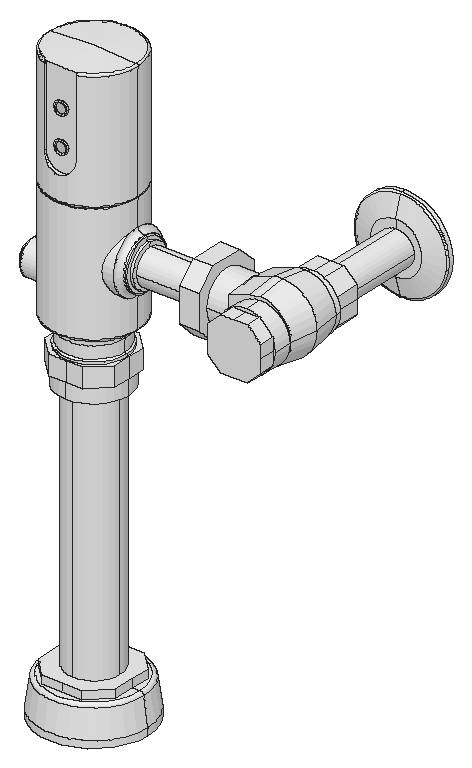
Revit family
Parameters (values of type "Chrome-CP-Polished_Chrome")
  Width Calc = if(Width > 0' 4 3/8", if(Width < 0' 5 3/8", Width, 0' 5 3/8"), 0' 4 3/8")  # 0' - 5 3/8"
  Width = 0' - 5 3/8"
  URL = "http://www.us.kohler.com"
  Sensor Material = none
  Product Page URL = "http://www.us.kohler.com/onlinecatalog/detail.jsp?prod_num=10956"
  Product Documentation Link = "http://www.us.kohler.com/onlinecatalog/pdf/1058866_4.pdf"
  Overall Width [instance] = 0' - 8.59195"
  Overall Length [instance] = 0' - 6.718"
  Overall Height [instance] = 1' - 5.06429"
  Model = "K-10956"  # constant formula
  Manufacturer = "Kohler"  # constant formula
  Length Calc = if(Length > 0' 2 7/8", if(Length < 0' 5", Length, 0' 5"), 0' 2 7/8")  # 0' - 5"
  Length = 0' - 5"
  Height Calc = if(Height > 0' 8 3/4", if(Height < 1' 0", Height, 1' 0"), 0' 8 3/4")  # 1' - 0"
  Height = 1' - 0"
  Flushometer Supply = "Cold Water Connection"  # constant formula
  Flush Rate = 0.128 GPM
  Finish = Chrome-Kohler-CP-Polished Chrome
  Description = "1.28 gpf/4.85 lpf Touchless DC toilet flushometer with Tripoint™ technology\r\n"  # constant formula
  Created By = "http://www.medialab3dstudio.com"
  Cold Water Radius = 1/2"
  Cold Water Diameter = Cold Water Radius * 2  # 1"
  CWFU = 0
  CW Connection = yes
  Assembly Code = "D2010900"
Reference planes (in)
  plane 1 "Center (Front/Back)": y = -2.125
  plane 2 "Bottom": z = 0
  plane 3 "Center (Left/Right)": x = -1
  plane 4 "Center (Top/Bottom)": z = 12
  plane 5 "Right Connector": x = 4.375
  plane 6 "Back": y = 2.875
  plane 7: z = 8.46926
  plane 8: z = 1.28808
  plane 9 "Top": z = 17.06429
  plane 10: x = 0.60251
  plane 11: y = 1.91899
  plane 12: y = -0.40273
  plane 13 "Right": x = 5.7147
  plane 14 "Left": x = -2.87725
  plane 15 "Front": y = -3.843
Forms (in)
  Extrusion 1, solid, material "Chrome-Kohler-CP-Polished Chrome" <- "Finish", detail levels fine
    sketch origin (0, -2.125, 0) x (1, 0, 0) y (0, 1, 0)
      loop
        arc (-1, 0.75) -> (-1.53033, 0.53033) -> (-1.75, 0) r 0.75
        arc (-1.75, 0) -> (-1.53033, -0.53033) -> (-1, -0.75) r 0.75
        arc (-1, -0.75) -> (-0.46967, -0.53033) -> (-0.25, 0) r 0.75
        arc (-0.25, 0) -> (-0.46967, 0.53033) -> (-1, 0.75) r 0.75
    from 1.28808 to 8.46926
  Extrusion 2, solid, material "Chrome-Kohler-CP-Polished Chrome" <- "Finish", detail levels fine
    sketch origin (0, -0.40885, -7.58275) x (0, 1, 0) y (0, 0, 1)
      loop
        arc (-1.71615, 20.08275) -> (-2.0697, 19.93631) -> (-2.21615, 19.58275) r 0.5
        arc (-2.21615, 19.58275) -> (-2.0697, 19.2292) -> (-1.71615, 19.08275) r 0.5
        arc (-1.71615, 19.08275) -> (-1.36259, 19.2292) -> (-1.21615, 19.58275) r 0.5
        arc (-1.21615, 19.58275) -> (-1.36259, 19.93631) -> (-1.71615, 20.08275) r 0.5
    from 0.60251 to 2.22977
  Extrusion 3, solid, material "Chrome-Kohler-CP-Polished Chrome" <- "Finish", detail levels fine
    sketch origin (0, 0, -5.06429) x (1, 0, 0) y (0, 0, 1)
      loop
        arc (4.375, 17.56429) -> (4.02145, 17.41784) -> (3.875, 17.06429) r 0.5
        arc (3.875, 17.06429) -> (4.02145, 16.71074) -> (4.375, 16.56429) r 0.5
        arc (4.375, 16.56429) -> (4.72855, 16.71074) -> (4.875, 17.06429) r 0.5
        arc (4.875, 17.06429) -> (4.72855, 17.41784) -> (4.375, 17.56429) r 0.5
    from -1.91899 to 0.40273
  Extrusion 4, solid, material "Chrome-Kohler-CP-Polished Chrome" <- "Finish", detail levels coarse+medium
    sketch origin (0, 0, 0) x (1, 0, 0) y (0, 1, 0)
      loop
        line (-2.87725, 2.875) -> (-2.87725, -3.843) -> (5.7147, -3.843) -> (5.7147, 2.875) -> (-2.87725, 2.875)
    from 0 to 17.06429
Lines and regions (in)
  Masking region 1, detail levels medium+fine
    outline origin (-1, -0.75, 0) x (0, 1, 0) y (0, 0, 1)
      loop
        line (-0.625, 8.46926) -> (-2.125, 8.46926) -> (-2.125, 1.28808) -> (-0.625, 1.28808) -> (-0.625, 8.46926)
  Masking region 2, detail levels medium+fine
    outline origin (0, -2.125, 0) x (1, 0, 0) y (0, 0, 1)
      loop
        line (-1.75, 8.46926) -> (-1.75, 1.28808) -> (-0.25, 1.28808) -> (-0.25, 8.46926) -> (-1.75, 8.46926)
  Masking region 3, detail levels medium+fine
    outline origin (0, 0, 12) x (0, -1, 0) y (1, 0, 0)
      loop
        line (1.625, 0.60251) -> (2.625, 0.60251) -> (2.625, 2.22977) -> (1.625, 2.22977) -> (1.625, 0.60251)
  Masking region 4, detail levels medium+fine
    outline origin (0, -2.125, 0) x (1, 0, 0) y (0, 0, 1)
      loop
        line (0.60251, 12.5) -> (0.60251, 11.5) -> (2.22977, 11.5) -> (2.22977, 12.5) -> (0.60251, 12.5)
  Masking region 5, detail levels medium+fine
    outline origin (-1, 0, 0) x (0, 1, 0) y (0, 0, 1)
      loop
        line (-0.40273, 12.5) -> (-0.40273, 11.5) -> (1.91899, 11.5) -> (1.91899, 12.5) -> (-0.40273, 12.5)
  Masking region 6, detail levels medium+fine
    outline origin (0, 0, 12) x (0, -1, 0) y (1, 0, 0)
      loop
        line (-1.91899, 3.875) -> (0.40273, 3.875) -> (0.40273, 4.875) -> (-1.91899, 4.875) -> (-1.91899, 3.875)
  Masking region 7, detail levels coarse
    outline origin (0, 0, 12) x (0, -1, 0) y (1, 0, 0)
      loop
        line (-2.875, -2.87725) -> (3.843, -2.87725) -> (3.843, 5.7147) -> (-2.875, 5.7147) -> (-2.875, -2.87725)
  Masking region 8, detail levels coarse
    outline origin (0, -2.125, 0) x (1, 0, 0) y (0, 0, 1)
      loop
        line (-2.87725, 17.06429) -> (-2.87725, 0) -> (5.7147, 0) -> (5.7147, 17.06429) -> (-2.87725, 17.06429)
  Masking region 9, detail levels coarse
    outline origin (-1, 0, 0) x (0, 1, 0) y (0, 0, 1)
      loop
        line (-3.843, 17.06429) -> (-3.843, 0) -> (2.875, 0) -> (2.875, 17.06429) -> (-3.843, 17.06429)
Dimensions and locks (in)
  locked: plane 8 to plane 2 "Bottom" at 1.28808
  locked: plane 4 "Center (Top/Bottom)" to plane 7 at 3.53074
  locked: plane 9 "Top" to plane 4 "Center (Top/Bottom)" at 5.06429
  locked: plane 10 to plane 3 "Center (Left/Right)" at 1.60251
  plane 11 to plane 6 "Back" = 0' - 0.95601"
  locked: plane 1 "Center (Front/Back)" to plane 12 at 1.72227
  "Height Calc": plane 4 "Center (Top/Bottom)" to plane 2 "Bottom"
  "Width Calc": plane 5 "Right Connector" to plane 3 "Center (Left/Right)"
  "Length Calc": plane 6 "Back" to plane 1 "Center (Front/Back)"
  "Overall Height": plane 9 "Top" to plane 2 "Bottom"
  locked: plane 3 "Center (Left/Right)" to plane 14 "Left" at 1.87725
  "Overall Width": plane 14 "Left" to plane 13 "Right"
  locked: plane 15 "Front" to plane 1 "Center (Front/Back)" at 1.718
  "Overall Length": plane 15 "Front" to plane 6 "Back"
  aligned and locked: plane 2 "Bottom" to level
  aligned and locked: plane 3 "Center (Left/Right)" to nested 1
  aligned and locked: plane 1 "Center (Front/Back)" to nested 1
  aligned and locked: plane 2 "Bottom" to nested 1
  aligned and locked: nested 2 to plane 4 "Center (Top/Bottom)"
  aligned and locked: plane 3 "Center (Left/Right)" to nested 2
  aligned and locked: nested 3 to plane 4 "Center (Top/Bottom)"
  aligned and locked: plane 5 "Right Connector" to nested 3
  aligned and locked: plane 1 "Center (Front/Back)" to nested 3
  aligned: plane 5 "Right Connector" to nested 4
  aligned and locked: nested 4 to plane 6 "Back"
  aligned: plane 3 "Center (Left/Right)" to Extrusion 1 sketch curve  (x2)
  aligned: plane 1 "Center (Front/Back)" to Extrusion 1 sketch curve  (x2)
  aligned and locked: Extrusion 1 to plane 7
  aligned and locked: plane 8 to Extrusion 1
  aligned and locked: plane 3 "Center (Left/Right)" to Extrusion 1
  aligned and locked: plane 1 "Center (Front/Back)" to Extrusion 1
  aligned and locked: Masking region 2 sketch curve to Extrusion 1  (x2)
  aligned and locked: Extrusion 1 to Masking region 2 sketch curve
  aligned and locked: Masking region 2 sketch curve to nested 2
  aligned and locked: Masking region 1 sketch curve to Extrusion 1  (x2)
  aligned and locked: Masking region 1 sketch curve to plane 8
  aligned and locked: plane 7 to Masking region 1 sketch curve
  aligned and locked: plane 1 "Center (Front/Back)" to Extrusion 2
  aligned and locked: Extrusion 2 to nested 3
  aligned and locked: Extrusion 2 to plane 10
  aligned and locked: plane 4 "Center (Top/Bottom)" to Extrusion 2
  aligned and locked: plane 10 to Masking region 3 sketch curve
  aligned and locked: Masking region 3 sketch curve to Extrusion 2  (x2)
  aligned and locked: nested 3 to Masking region 3 sketch curve
  aligned and locked: plane 10 to Masking region 4 sketch curve
  aligned and locked: nested 3 to Masking region 4 sketch curve
  aligned and locked: Masking region 4 sketch curve to Extrusion 2  (x2)
  aligned and locked: plane 5 "Right Connector" to Extrusion 3
  aligned and locked: plane 11 to Extrusion 3
  aligned and locked: plane 12 to Extrusion 3
  aligned and locked: Masking region 5 sketch curve to Extrusion 3  (x2)
  aligned and locked: Masking region 5 sketch curve to plane 12
  aligned and locked: Masking region 5 sketch curve to plane 11
  aligned and locked: Masking region 6 sketch curve to plane 11
  aligned and locked: Masking region 6 sketch curve to plane 12
  aligned and locked: Masking region 6 sketch curve to Extrusion 3  (x2)
  aligned and locked: Masking region 7 sketch curve to plane 6 "Back"
  aligned and locked: Masking region 7 sketch curve to nested 2
  aligned: Masking region 7 sketch curve to nested 3
  aligned and locked: plane 1 "Center (Front/Back)" to nested 2
  aligned and locked: plane 5 "Right Connector" to nested 4
  aligned and locked: nested 4 to plane 4 "Center (Top/Bottom)"
  aligned and locked: plane 9 "Top" to Masking region 8 sketch curve
  aligned and locked: Masking region 8 sketch curve to plane 14 "Left"
  aligned and locked: Masking region 8 sketch curve to plane 13 "Right"
  aligned and locked: plane 2 "Bottom" to Masking region 8 sketch curve
  aligned and locked: plane 9 "Top" to Masking region 9 sketch curve
  aligned and locked: Masking region 9 sketch curve to plane 15 "Front"
  aligned and locked: plane 2 "Bottom" to Masking region 9 sketch curve
  aligned and locked: Masking region 9 sketch curve to plane 6 "Back"
  aligned and locked: Extrusion 4 sketch curve to plane 14 "Left"
  aligned and locked: Extrusion 4 sketch curve to plane 6 "Back"
  aligned and locked: Extrusion 4 sketch curve to plane 13 "Right"
  aligned and locked: Extrusion 4 sketch curve to plane 15 "Front"
  aligned and locked: Extrusion 4 to plane 9 "Top"
  aligned and locked: plane 4 "Center (Top/Bottom)" to Extrusion 3
Automatic sketch dimensions
  Extrusion 1 sketch curve to Extrusion 1 sketch curve = 0' - 0"  (x12)
  plane 1 "Center (Front/Back)" to Extrusion 1 sketch curve = 0' - 0"
  Extrusion 1 sketch curve to plane 3 "Center (Left/Right)" = 0' - 0"
  Extrusion 1 sketch curve to Extrusion 1 sketch curve = 0' - 0 3/4"
  Extrusion 2 sketch curve to Extrusion 2 sketch curve = 0' - 0"  (x12)
  plane 4 "Center (Top/Bottom)" to Extrusion 2 sketch curve = 0' - 0"
  Extrusion 2 sketch curve to plane 1 "Center (Front/Back)" = 0' - 0"
  Extrusion 2 sketch curve to Extrusion 2 sketch curve = 0' - 0 1/2"
  Extrusion 3 sketch curve to Extrusion 3 sketch curve = 0' - 0"  (x12)
  Extrusion 3 sketch curve to plane 4 "Center (Top/Bottom)" = 0' - 0"
  Extrusion 3 sketch curve to plane 5 "Right Connector" = 0' - 0"
  Extrusion 3 sketch curve to Extrusion 3 sketch curve = 0' - 0 1/2"
  plane 5 "Right Connector" to Masking region 7 sketch curve = 0' - 1.3397"
  plane 1 "Center (Front/Back)" to Masking region 7 sketch curve = 0' - 1.718"
Nested families (in)
  nested 1: "Base" at (-1, -2.125, 0), type "Base"
  nested 2: "Main Body" at (-1, -2.125, -0.09743), type "Main Body"
  nested 3: "Wall Extension" at (-1.28727, -2.125, -0.09989), type "Wall Extension", detail levels medium+fine
  nested 4: "Wall Connector" at (-0.70733, -2.07873, -0.0596), type "Wall Connector"
Connectors (in)
  piping at (4.375, 2.875, 12), driven by "Cold Water Radius", driven by "CW Connection", driven by "Flushometer Supply", driven by "Flush Rate", driven by "CWFU"
    settings: on nested 4, index 1, connector radius 1/2", flow factor 0, pipe flow 0.128 GPM, pressure drop 0.00 psi, fitting loss kfactor 0, connector angle 0.00°, fixture units 0, flow configuration 3, flow direction 1, fitting loss method 0, system type 20, connector reference index -1, connector utility 1, adjustable connector yes, is connector primary yes, fitting loss table "", connector description "Cold Water Connection"
Definition of nested family "Base"
  Parameters (values of type "Base")
    Finish = Chrome-Kohler-CP-Polished Chrome
    Assembly Code = "D2010900"
  Reference planes (in)
    plane 1 "Center (Front/Back)": y = 0
    plane 2 "Bottom": z = 0
    plane 3 "Center (Left/Right)": x = 0
    plane 4 "Left": x = -1.54194
    plane 5 "Front": through (179.98443, -0.726, 1.05873) normal (0.0045, -1, 0)
    plane 6 "Back": through (179.97438, 2.35776, 1.05873) normal (0.0045, -1, 0)
    plane 7 "Right": x = 1.54194
    plane 8 "Top": z = 1.28808
    plane 9 "Center (Top/Bottom)": z = 0.64404
  Forms (in)
    Revolve 1, solid, material "Chrome-Kohler-CP-Polished Chrome" <- "Finish", detail levels fine
      sketch origin (0, 0, 0) x (1, 0, 0) y (0, 0, 1)
        loop
          line (0, 1.0575) -> (0, 0) -> (1.54194, 0) -> (1.54194, 0.20035) -> (1.42081, 0.96424)
          arc (1.42081, 0.96424) -> (1.38461, 1.03092) -> (1.31353, 1.0575) r 0.10834
          line (1.31353, 1.0575) -> (0, 1.0575)
        axis (0, 0) -> (0, 1.0575)
      angle from 0 to 360
    Extrusion 2, solid, material "Chrome-Kohler-CP-Polished Chrome" <- "Finish", detail levels fine
      sketch origin (0, 0, 0) x (1, 0, 0) y (0, 1, 0)
        loop
          line (1.08986, -0.57622) -> (1.08986, -0.00981) -> (1.08986, 0.55659) -> (0.5543, 1.09216) -> (-0.01211, 1.09216) -> (-0.57851, 1.09216) -> (-1.11408, 0.55659) -> (-1.11408, -0.00981) -> (-1.11408, -0.57622) -> (-0.57851, -1.11178) -> (-0.01211, -1.11178) -> (0.5543, -1.11178) -> (1.08986, -0.57622)
      from 1.0575 to 1.28808
  Cuts and joins
    joined: Revolve 1, Extrusion 2
  Lines and regions (in)
    Masking region 1, detail levels medium+fine
      outline origin (0, 0, 0) x (1, 0, 0) y (0, 0, 1)
        loop
          line (1.08986, 1.28808) -> (-1.11408, 1.28808) -> (-1.11408, 1.0575) -> (-1.31353, 1.0575)
          arc (-1.31353, 1.0575) -> (-1.38414, 1.03039) -> (-1.42081, 0.96424) r 0.1106
          line (-1.42081, 0.96424) -> (-1.54194, 0.20035) -> (-1.54194, 0) -> (1.54194, 0) -> (1.54194, 0.20035) -> (1.42081, 0.96424)
          arc (1.42081, 0.96424) -> (1.38414, 1.03039) -> (1.31353, 1.0575) r 0.1106
          line (1.31353, 1.0575) -> (1.08986, 1.0575) -> (1.08986, 1.28808)
    Masking region 2, detail levels medium+fine
      outline origin (0, 0, 0) x (0, 1, 0) y (0, 0, 1)
        loop
          line (1.09216, 1.0575) -> (1.09216, 1.28808) -> (-1.11178, 1.28808) -> (-1.11178, 1.0575) -> (-1.31353, 1.0575)
          arc (-1.31353, 1.0575) -> (-1.38461, 1.03092) -> (-1.42081, 0.96424) r 0.10834
          line (-1.42081, 0.96424) -> (-1.54194, 0.20035) -> (-1.54194, 0) -> (1.54305, 0) -> (1.54194, 0.20035) -> (1.42081, 0.96424)
          arc (1.42081, 0.96424) -> (1.38461, 1.03092) -> (1.31353, 1.0575) r 0.10834
          line (1.31353, 1.0575) -> (1.09216, 1.0575)
    Masking region 3, detail levels medium+fine
      outline origin (0, 0, 0.64404) x (-1, 0, 0) y (0, -1, 0)
        loop
          circle (0, 0) r 1.54194
    symbolic lines, style "Masking Lines", detail levels fine
      curve 1: line (-0.57851, 0, 1.28808) -> (-0.57851, 0, 1.0575)
      curve 2: line (0.5543, 0, 1.0575) -> (0.5543, 0, 1.28808)
      curve 3: line (-1.42081, 0, 0.96424) -> (1.42081, 0, 0.96424)
      curve 4: line (-1.54194, 0, 0.20035) -> (1.54194, 0, 0.20035)
      curve 5: line (-1.11408, 0, 1.0575) -> (1.08986, 0, 1.0575)
      curve 6: line (0, 0.55659, 1.28808) -> (0, 0.55659, 1.0575)
      curve 7: line (0, -0.57622, 1.0575) -> (0, -0.57622, 1.28808)
      curve 8: line (0, -1.11178, 1.0575) -> (0, 1.09216, 1.0575)
      curve 9: line (0, 1.42081, 0.96424) -> (0, -1.42081, 0.96424)
      curve 10: line (0, -1.54194, 0.20035) -> (0, 1.54194, 0.20035)
      curve 11: arc (-1.42081, 0, 0.64404) -> (0, 1.42081, 0.64404) -> (1.42081, 0, 0.64404) r 1.42081
      curve 12: arc (1.42081, 0, 0.64404) -> (0, -1.42081, 0.64404) -> (-1.42081, 0, 0.64404) r 1.42081
      curve 13: line (-0.01211, 1.09216, 0.64404) -> (-0.57851, 1.09216, 0.64404)
      curve 14: line (-0.57851, 1.09216, 0.64404) -> (-1.11408, 0.55659, 0.64404)
      curve 15: line (-1.11408, 0.55659, 0.64404) -> (-1.11408, -0.00981, 0.64404)
      curve 16: line (-1.11408, -0.00981, 0.64404) -> (-1.11408, -0.57622, 0.64404)
      curve 17: line (-1.11408, -0.57622, 0.64404) -> (-0.57851, -1.11178, 0.64404)
      curve 18: line (-0.57851, -1.11178, 0.64404) -> (-0.01211, -1.11178, 0.64404)
      curve 19: line (-0.01211, -1.11178, 0.64404) -> (0.5543, -1.11178, 0.64404)
      curve 20: line (0.5543, -1.11178, 0.64404) -> (1.08986, -0.57622, 0.64404)
      curve 21: line (1.08986, -0.57622, 0.64404) -> (1.08986, -0.00981, 0.64404)
      curve 22: line (1.08986, -0.00981, 0.64404) -> (1.08986, 0.55659, 0.64404)
      curve 23: line (1.08986, 0.55659, 0.64404) -> (0.5543, 1.09216, 0.64404)
      curve 24: line (0.5543, 1.09216, 0.64404) -> (-0.01211, 1.09216, 0.64404)
  Dimensions and locks (in)
    aligned and locked: level to plane 2 "Bottom"
Definition of nested family "Main Body"
  Parameters (values of type "Main Body")
    Sensor Material = none
    Finish = Chrome-Kohler-CP-Polished Chrome
    Assembly Code = "D2010900"
  Reference planes (in)
    plane 1 "Center (Front/Back)": y = 0
    plane 2 "Bottom": z = 0
    plane 3 "Center (Left/Right)": x = 0
    plane 4 "Left": x = -1.87725
    plane 5 "Right": x = 1.54194
    plane 6 "Top": z = 17.16172
    plane 7 "Center (Top/Bottom)": z = 12.09743
    plane 8: x = -0.94566
    plane 9: x = 0.8896
    plane 10: x = -0.8897
    plane 11 "Front": y = -1.27001
    plane 12 "Back": y = 1.26245
    plane 13: z = 8.56669
  Forms (in)
    Extrusion 1, solid, material "Chrome-Kohler-CP-Polished Chrome" <- "Finish", detail levels fine
      sketch origin (0, 0, 0) x (1, 0, 0) y (0, 1, 0)
        loop
          arc (0.98741, -0.00087) -> (0.69826, 0.69851) -> (-0.00087, 0.98828) r 0.98828
          arc (-0.00087, 0.98828) -> (-0.69969, 0.69882) -> (-0.98915, 0) r 0.98828
          arc (-0.98915, 0) -> (-0.69913, -0.69887) -> (0, -0.98828) r 0.98915
          arc (0, -0.98828) -> (0.6982, -0.69908) -> (0.98741, -0.00087) r 0.98741
      from 8.56669 to 8.99972
    Extrusion 2, solid, material "Chrome-Kohler-CP-Polished Chrome" <- "Finish", detail levels fine
      sketch origin (0, 0, 0) x (1, 0, 0) y (0, 1, 0)
        loop
          line (-0.00087, 0.98828) -> (-0.49327, 0.98828) -> (-0.98828, 0.49327) -> (-0.98828, -0.00087) -> (-0.98828, -0.49327) -> (-0.49327, -0.98828) -> (-0.00087, -0.98828) -> (0.49327, -0.98828) -> (0.98828, -0.49327) -> (0.98828, -0.00087) -> (0.98828, 0.49327) -> (0.49327, 0.98828) -> (-0.00087, 0.98828)
      from 8.99972 to 9.55424
    Revolve 3, solid, material "Chrome-Kohler-CP-Polished Chrome" <- "Finish", detail levels fine
      sketch origin (0, 0, 0) x (1, 0, 0) y (0, 0, 1)
        loop
          line (-0.8897, 9.65205) -> (-0.9458, 9.61025) -> (-0.9458, 9.55424) -> (0, 9.55424) -> (0, 17.16124)
          arc (0, 17.16124) -> (-0.60631, 17.1474) -> (-1.21132, 17.10533) r 13.01531
          arc (-1.21132, 17.10533) -> (-1.24775, 17.08717) -> (-1.26245, 17.04922) r 0.05635
          line (-1.26245, 17.04922) -> (-1.26245, 13.74187)
          arc (-1.26245, 13.74187) -> (-1.25505, 13.72503) -> (-1.23777, 13.71874) r 0.02341
          arc (-1.23777, 13.71874) -> (-1.25304, 13.71328) -> (-1.26245, 13.70007) r 0.02705
          line (-1.26245, 13.70007) -> (-1.26245, 10.35547)
          arc (-1.26245, 10.35547) -> (-1.25363, 10.33468) -> (-1.23439, 10.32287) r 0.03706
          line (-1.23439, 10.32287) -> (-1.20179, 10.32287)
          arc (-1.20179, 10.32287) -> (-0.97809, 10.2267) -> (-0.8897, 9.99981) r 0.31514
          line (-0.8897, 9.99981) -> (-0.8897, 9.65205)
        axis (0, 9.55424) -> (0, 17.16124)
      angle from 0 to 360
    Revolve 4, solid, material "Chrome-Kohler-CP-Polished Chrome" <- "Finish", detail levels fine
      sketch origin (0, 0, 0) x (1, 0, 0) y (0, 0, 1)
        loop
          line (0, 10.69059) -> (0, 11.19167) -> (-1.87725, 11.19167) -> (-1.87725, 10.91919)
          arc (-1.87725, 10.91919) -> (-1.86345, 10.89254) -> (-1.83541, 10.88185) r 0.04211
          line (-1.83541, 10.88185) -> (-1.71443, 10.88185) -> (-1.71443, 10.72793)
          arc (-1.71443, 10.72793) -> (-1.70349, 10.70153) -> (-1.67709, 10.69059) r 0.03734
          line (-1.67709, 10.69059) -> (0, 10.69059)
        axis (-1.87725, 11.19167) -> (0, 11.19167)
      angle from 0 to 360
    Revolve 5, solid, material "Chrome-Kohler-CP-Polished Chrome" <- "Finish", detail levels fine
      sketch origin (0, 0, 0) x (1, 0, 0) y (0, 0, 1)
        loop
          line (1.26252, 12.96779) -> (0, 12.96779) -> (0, 12.09743) -> (1.60231, 12.09743) -> (1.60231, 12.69849) -> (1.50924, 12.69849) -> (1.50924, 12.79004)
          arc (1.50924, 12.79004) -> (1.5014, 12.80448) -> (1.48602, 12.81023) r 0.02345
          line (1.48602, 12.81023) -> (1.42082, 12.81023)
          arc (1.42082, 12.81023) -> (1.31025, 12.85745) -> (1.26252, 12.96779) r 0.16227
        axis (1.60231, 12.09743) -> (0, 12.09743)
      angle from 0 to 360
    Extrusion 6, void
      sketch origin (0, 0, 0) x (1, 0, 0) y (0, 0, 1)
        loop
          line (-0.45658, 17.04477) -> (-0.45658, 14.85953)
          arc (-0.45658, 14.85953) -> (0, 14.40296) -> (0.45658, 14.85953) r 0.45658
          line (0.45658, 14.85953) -> (0.45658, 17.04477)
          arc (0.45658, 17.04477) -> (0.46256, 17.07562) -> (0.4728, 17.10533) r 0.22374
          line (0.4728, 17.10533) -> (0.4728, 17.20883) -> (-0.4728, 17.20883) -> (-0.4728, 17.10533)
          arc (-0.4728, 17.10533) -> (-0.46256, 17.07562) -> (-0.45658, 17.04477) r 0.22374
      from 1.13677 to 1.47426
    Extrusion 7, solid, material "Chrome-Kohler-CP-Polished Chrome" <- "Finish", detail levels fine
      sketch origin (0, 0, 0) x (1, 0, 0) y (0, 0, 1)
        loop
          circle (-0.00081, 16.0683) r 0.18993
        loop
          circle (-0.00076, 16.0683) r 0.15008
      from 1.13677 to 1.17852
    Extrusion 8, solid, material <- "Sensor Material", detail levels fine
      sketch origin (0.00076, 0, 0) x (1, 0, 0) y (0, 0, 1)
        loop
          circle (-0.00076, 16.0683) r 0.15008
      from 1.13677 to 1.15841
    Extrusion 9, solid, material "Chrome-Kohler-CP-Polished Chrome" <- "Finish", detail levels fine
      sketch origin (0, 0, -0.99447) x (1, 0, 0) y (0, 0, 1)
        loop
          circle (-0.00081, 16.0683) r 0.18993
        loop
          circle (-0.00076, 16.0683) r 0.15008
      from 1.13677 to 1.17852
    Extrusion 10, solid, material <- "Sensor Material", detail levels fine
      sketch origin (0.00076, 0, -0.99447) x (1, 0, 0) y (0, 0, 1)
        loop
          circle (-0.00076, 16.0683) r 0.15008
      from 1.13677 to 1.15841
  Cuts and joins
    Extrusion 6 cuts Revolve 3
    joined: Extrusion 2, Revolve 3, Revolve 4, Revolve 5, Extrusion 7, Extrusion 9
  Lines and regions (in)
    Masking region 1, detail levels medium+fine
      outline origin (0, 0, 0) x (1, 0, 0) y (0, 0, 1)
        loop
          line (1.26245, 12.96779) -> (1.26245, 13.70007)
          arc (1.26245, 13.70007) -> (1.2528, 13.71296) -> (1.23777, 13.71874) r 0.0291
          arc (1.23777, 13.71874) -> (1.25498, 13.72511) -> (1.26245, 13.74187) r 0.02365
          line (1.26245, 13.74187) -> (1.26245, 17.04931)
          arc (1.26245, 17.04931) -> (1.24605, 17.0889) -> (1.20646, 17.1053) r 0.05599
          arc (1.20646, 17.1053) -> (0, 17.16172) -> (-1.20646, 17.1053) r 12.92681
          arc (-1.20646, 17.1053) -> (-1.24605, 17.0889) -> (-1.26245, 17.04931) r 0.05599
          line (-1.26245, 17.04931) -> (-1.26245, 13.74187)
          arc (-1.26245, 13.74187) -> (-1.25498, 13.72511) -> (-1.23777, 13.71874) r 0.02365
          arc (-1.23777, 13.71874) -> (-1.2528, 13.71296) -> (-1.26245, 13.70007) r 0.0291
          line (-1.26245, 13.70007) -> (-1.26245, 11.69274) -> (-1.67773, 11.69274)
          arc (-1.67773, 11.69274) -> (-1.70382, 11.68194) -> (-1.71462, 11.65585) r 0.03689
          line (-1.71462, 11.65585) -> (-1.71462, 11.50148) -> (-1.83569, 11.50148)
          arc (-1.83569, 11.50148) -> (-1.86363, 11.49078) -> (-1.87725, 11.46414) r 0.0418
          line (-1.87725, 11.46414) -> (-1.87725, 10.91919)
          arc (-1.87725, 10.91919) -> (-1.86363, 10.89255) -> (-1.83569, 10.88185) r 0.0418
          line (-1.83569, 10.88185) -> (-1.71462, 10.88185) -> (-1.71462, 10.72748)
          arc (-1.71462, 10.72748) -> (-1.70382, 10.7014) -> (-1.67773, 10.69059) r 0.03689
          line (-1.67773, 10.69059) -> (-1.26245, 10.69059) -> (-1.26245, 10.35547)
          arc (-1.26245, 10.35547) -> (-1.25447, 10.33396) -> (-1.23439, 10.32287) r 0.03297
          line (-1.23439, 10.32287) -> (-1.20179, 10.32287)
          arc (-1.20179, 10.32287) -> (-0.9772, 10.22756) -> (-0.8897, 9.99981) r 0.31228
          line (-0.8897, 9.99981) -> (-0.8897, 9.65205) -> (-0.9458, 9.61025) -> (-0.9458, 9.55424) -> (-0.98828, 9.55424) -> (-0.98828, 8.56669) -> (0.98828, 8.56669) -> (0.98828, 9.55424) -> (0.9458, 9.55424) -> (0.9458, 9.61025) -> (0.8897, 9.65205) -> (0.8897, 9.99981)
          arc (0.8897, 9.99981) -> (0.9772, 10.22756) -> (1.20179, 10.32287) r 0.31228
          line (1.20179, 10.32287) -> (1.23439, 10.32287)
          arc (1.23439, 10.32287) -> (1.25447, 10.33396) -> (1.26245, 10.35547) r 0.03297
          line (1.26245, 10.35547) -> (1.26245, 11.22706)
          arc (1.26245, 11.22706) -> (1.31024, 11.33739) -> (1.42082, 11.38463) r 0.16243
          line (1.42082, 11.38463) -> (1.48565, 11.38463)
          arc (1.48565, 11.38463) -> (1.50117, 11.39036) -> (1.50924, 11.40481) r 0.02388
          line (1.50924, 11.40481) -> (1.50924, 11.49637) -> (1.60231, 11.49637) -> (1.60231, 12.69849) -> (1.50924, 12.69849) -> (1.50924, 12.79004)
          arc (1.50924, 12.79004) -> (1.50117, 12.80449) -> (1.48565, 12.81023) r 0.02388
          line (1.48565, 12.81023) -> (1.42082, 12.81023)
          arc (1.42082, 12.81023) -> (1.31024, 12.85746) -> (1.26245, 12.96779) r 0.16243
    Masking region 2, detail levels medium+fine
      outline origin (0, 0, 0) x (0, 1, 0) y (0, 0, 1)
        loop
          line (-0.98828, 8.56669) -> (0.98828, 8.56669) -> (0.98828, 9.55424) -> (0.94599, 9.55424) -> (0.94599, 9.61053) -> (0.8897, 9.65205) -> (0.8897, 9.99981)
          arc (0.8897, 9.99981) -> (0.97911, 10.22305) -> (1.19791, 10.32287) r 0.32342
          line (1.19791, 10.32287) -> (1.23434, 10.32287)
          arc (1.23434, 10.32287) -> (1.25355, 10.33472) -> (1.26245, 10.35547) r 0.03741
          line (1.26245, 10.35547) -> (1.26245, 13.70007)
          arc (1.26245, 13.70007) -> (1.25283, 13.71307) -> (1.23768, 13.71873) r 0.02845
          arc (1.23768, 13.71873) -> (1.25463, 13.72541) -> (1.26245, 13.74187) r 0.02482
          line (1.26245, 13.74187) -> (1.26245, 17.04925)
          arc (1.26245, 17.04925) -> (1.24736, 17.08767) -> (1.21016, 17.10554) r 0.05644
          arc (1.21016, 17.10554) -> (0.03684, 17.16156) -> (-1.13677, 17.11204) r 13.07468
          arc (-1.13677, 17.11204) -> (-1.16322, 17.08465) -> (-1.17699, 17.04914) r 0.09631
          line (-1.17699, 17.04914) -> (-1.17699, 14.85953)
          arc (-1.17699, 14.85953) -> (-1.19857, 14.62724) -> (-1.26257, 14.40289) r 1.2611
          line (-1.26257, 14.40289) -> (-1.26257, 13.74207)
          arc (-1.26257, 13.74207) -> (-1.25518, 13.72501) -> (-1.23768, 13.71873) r 0.02338
          arc (-1.23768, 13.71873) -> (-1.25283, 13.71307) -> (-1.26245, 13.70007) r 0.02845
          line (-1.26245, 13.70007) -> (-1.26245, 10.35547)
          arc (-1.26245, 10.35547) -> (-1.25445, 10.33395) -> (-1.23434, 10.32287) r 0.03296
          line (-1.23434, 10.32287) -> (-1.19791, 10.32287)
          arc (-1.19791, 10.32287) -> (-0.97911, 10.22305) -> (-0.8897, 9.99981) r 0.32342
          line (-0.8897, 9.99981) -> (-0.8897, 9.65205) -> (-0.94599, 9.61053) -> (-0.94599, 9.55424) -> (-0.98828, 9.55424) -> (-0.98828, 8.56669)
    Masking region 3, detail levels medium+fine
      outline origin (0, 0, 12.09743) x (-1, 0, 0) y (0, -1, 0)
        loop
          line (1.15868, -0.50123) -> (1.67499, -0.50123)
          arc (1.67499, -0.50123) -> (1.70288, -0.48968) -> (1.71443, -0.46179) r 0.03944
          line (1.71443, -0.46179) -> (1.71443, -0.30971) -> (1.83577, -0.30971)
          arc (1.83577, -0.30971) -> (1.86364, -0.29903) -> (1.87725, -0.27248) r 0.04172
          line (1.87725, -0.27248) -> (1.87725, 0.27248)
          arc (1.87725, 0.27248) -> (1.86364, 0.29903) -> (1.83577, 0.30971) r 0.04172
          line (1.83577, 0.30971) -> (1.71443, 0.30971) -> (1.71443, 0.46179)
          arc (1.71443, 0.46179) -> (1.70288, 0.48968) -> (1.67499, 0.50123) r 0.03944
          line (1.67499, 0.50123) -> (1.15868, 0.50123)
          arc (1.15868, 0.50123) -> (0.22122, 1.24291) -> (-0.91457, 0.87025) r 1.26245
          line (-0.91457, 0.87025) -> (-1.26153, 0.87025)
          arc (-1.26153, 0.87025) -> (-1.30881, 0.75876) -> (-1.42082, 0.71273) r 0.15929
          line (-1.42082, 0.71273) -> (-1.48623, 0.71273)
          arc (-1.48623, 0.71273) -> (-1.50182, 0.70668) -> (-1.50924, 0.69169) r 0.0231
          line (-1.50924, 0.69169) -> (-1.50924, 0.60106) -> (-1.60231, 0.60106) -> (-1.60231, -0.60106) -> (-1.50924, -0.60106) -> (-1.50924, -0.69169)
          arc (-1.50924, -0.69169) -> (-1.50182, -0.70668) -> (-1.48623, -0.71273) r 0.0231
          line (-1.48623, -0.71273) -> (-1.42082, -0.71273)
          arc (-1.42082, -0.71273) -> (-1.30881, -0.75876) -> (-1.26153, -0.87025) r 0.15929
          line (-1.26153, -0.87025) -> (-0.91457, -0.87025)
          arc (-0.91457, -0.87025) -> (0.22122, -1.24291) -> (1.15868, -0.50123) r 1.26245
    symbolic lines, style "Masking Lines", detail levels fine
      curve 1: line (0.45658, -1.27001, 14.85953) -> (0.45658, -1.27001, 17.04477)
      curve 2: arc (-0.45658, -1.27001, 14.85953) -> (0, -1.27001, 14.40296) -> (0.45658, -1.27001, 14.85953) r 0.45658
      curve 3: line (-0.45658, -1.27001, 17.04477) -> (-0.45658, -1.27001, 14.85953)
      curve 4: arc (-0.47065, -1.27001, 17.10008) -> (-0.46184, -1.27001, 17.07287) -> (-0.45658, -1.27001, 17.04477) r 0.22374
      curve 5: arc (-0.47065, -1.27001, 17.10008) -> (-0.44461, -1.27001, 17.10366) -> (-0.41838, -1.27001, 17.10533) r 0.35842
      curve 6: arc (-0.41838, -1.27001, 17.10533) -> (0, -1.27001, 17.11204) -> (0.41838, -1.27001, 17.10533) r 13.03411
      curve 7: arc (0.41838, -1.27001, 17.10533) -> (0.44461, -1.27001, 17.10366) -> (0.47065, -1.27001, 17.10008) r 0.35842
      curve 8: arc (0.45658, -1.27001, 17.04477) -> (0.46184, -1.27001, 17.07287) -> (0.47065, -1.27001, 17.10008) r 0.22374
      curve 9: arc (0.18912, -1.27001, 16.0683) -> (-0.00081, -1.27001, 16.25823) -> (-0.19073, -1.27001, 16.0683) r 0.18993
      curve 10: arc (-0.19073, -1.27001, 16.0683) -> (-0.00081, -1.27001, 15.87837) -> (0.18912, -1.27001, 16.0683) r 0.18993
      curve 11: arc (0.15008, -1.27001, 16.0683) -> (0, -1.27001, 16.21838) -> (-0.15008, -1.27001, 16.0683) r 0.15008
      curve 12: arc (-0.15008, -1.27001, 16.0683) -> (0, -1.27001, 15.91823) -> (0.15008, -1.27001, 16.0683) r 0.15008
      curve 13: arc (0.18912, -1.27001, 15.07383) -> (-0.00081, -1.27001, 15.26376) -> (-0.19073, -1.27001, 15.07383) r 0.18993
      curve 14: arc (-0.19073, -1.27001, 15.07383) -> (-0.00081, -1.27001, 14.8839) -> (0.18912, -1.27001, 15.07383) r 0.18993
      curve 15: arc (0.15008, -1.27001, 15.07383) -> (0, -1.27001, 15.22391) -> (-0.15008, -1.27001, 15.07383) r 0.15008
      curve 16: arc (-0.15008, -1.27001, 15.07383) -> (0, -1.27001, 14.92375) -> (0.15008, -1.27001, 15.07383) r 0.15008
      curve 17: line (1.26245, 0, 13.74187) -> (-1.26245, 0, 13.74187)
      curve 18: line (1.23777, 0, 13.71874) -> (-1.23777, 0, 13.71874)
      curve 19: line (1.26245, 0, 13.70007) -> (-1.26245, 0, 13.70007)
      curve 20: line (1.26245, 0, 11.22706) -> (1.26245, 0, 12.96779)
      curve 21: line (-1.26245, 0, 11.69274) -> (-1.26245, 0, 10.69059)
      curve 22: line (-1.71443, 0, 10.88185) -> (-1.71443, 0, 11.50148)
      curve 23: line (-1.23439, 0, 10.32287) -> (1.23439, 0, 10.32287)
      curve 24: line (0.8897, 0, 9.99981) -> (-0.8897, 0, 9.99981)
      curve 25: line (0.8897, 0, 9.65205) -> (-0.8897, 0, 9.65205)
      curve 26: line (0.9458, 0, 9.61025) -> (-0.9458, 0, 9.61025)
      curve 27: line (0.9458, 0, 9.55424) -> (-0.9458, 0, 9.55424)
      curve 28: line (-0.98828, 0, 8.99972) -> (0.98828, 0, 8.99972)
      curve 29: line (-0.49327, 0, 8.99972) -> (-0.49327, 0, 9.55424)
      curve 30: line (0.49327, 0, 8.99972) -> (0.49327, 0, 9.55424)
      curve 31: line (1.26252, 0, 11.22706) -> (1.26252, 0, 12.96779)
      curve 32: line (1.50924, 0, 12.69849) -> (1.50924, 0, 11.49637)
      curve 33: line (0, -1.19791, 10.32287) -> (0, 1.23439, 10.32287)
      curve 34: line (0, 0.8897, 9.99981) -> (0, -0.8897, 9.99981)
      curve 35: line (0, 0.8897, 9.65205) -> (0, -0.8897, 9.65205)
      curve 36: line (0, 0.94599, 9.61053) -> (0, -0.94599, 9.61053)
      curve 37: line (0, 0.9458, 9.55424) -> (0, -0.94599, 9.55424)
      curve 38: line (0, 0.98828, 8.99972) -> (0, -0.98828, 8.99972)
      curve 39: arc (-1.87725, 0, 10.69059) -> (-1.87725, 0.50107, 11.19167) -> (-1.87725, 0, 11.69274) r 0.50107
      curve 40: arc (-1.87725, 0, 11.69274) -> (-1.87725, -0.50107, 11.19167) -> (-1.87725, 0, 10.69059) r 0.50107
      curve 41: arc (-1.87725, 0, 11.50148) -> (-1.87725, -0.30982, 11.19167) -> (-1.87725, 0, 10.88185) r 0.30982
      curve 42: arc (-1.87725, 0, 10.88185) -> (-1.87725, 0.30982, 11.19167) -> (-1.87725, 0, 11.50148) r 0.30982
      curve 43: arc (-1.87725, 0, 11.46414) -> (-1.87725, 0.27248, 11.19167) -> (-1.87725, 0, 10.91919) r 0.27248
      curve 44: arc (-1.87725, 0, 10.91919) -> (-1.87725, -0.27248, 11.19167) -> (-1.87725, 0, 11.46414) r 0.27248
      curve 45: arc (1.54194, 0, 12.96779) -> (1.54194, 0.87037, 12.09743) -> (1.54194, 0, 11.22706) r 0.87037
      curve 46: arc (1.54194, 0, 11.22706) -> (1.54194, -0.87037, 12.09743) -> (1.54194, 0, 12.96779) r 0.87037
      curve 47: arc (1.54194, 0, 11.38463) -> (1.54194, -0.7128, 12.09743) -> (1.54194, 0, 12.81023) r 0.7128
      curve 48: arc (1.54194, 0, 12.81023) -> (1.54194, 0.7128, 12.09743) -> (1.54194, 0, 11.38463) r 0.7128
      curve 49: arc (1.54194, 0, 12.79004) -> (1.54194, -0.69262, 12.09743) -> (1.54194, 0, 11.40481) r 0.69262
      curve 50: arc (1.54194, 0, 11.40481) -> (1.54194, 0.69262, 12.09743) -> (1.54194, 0, 12.79004) r 0.69262
      curve 51: line (0, 1.26245, 13.70007) -> (0, -1.26245, 13.70007)
      curve 52: line (0, 1.26245, 13.74187) -> (0, -1.26257, 13.74187)
      curve 53: line (0, -1.23768, 13.71873) -> (0, 1.23768, 13.71873)
      curve 54: line (-1.71443, 0.30971, 12.09743) -> (-1.71443, -0.30971, 12.09743)
      curve 55: arc (-1.15868, 0.50123, 12.09743) -> (-1.26245, 0, 12.09743) -> (-1.15868, -0.50123, 12.09743) r 1.26245
      curve 56: arc (0.91457, 0.87025, 12.09743) -> (1.26252, 0, 12.09743) -> (0.91457, -0.87025, 12.09743) r 1.26226
      curve 57: line (1.26153, 0.87025, 12.09743) -> (1.26153, -0.87025, 12.09743)
      curve 58: line (1.50924, 0.60106, 12.09743) -> (1.50924, -0.60106, 12.09743)
      curve 59: line (-0.45658, -1.17699, 17.16172) -> (-0.45658, -1.13677, 17.16172)
      curve 60: line (-0.45658, -1.13677, 0) -> (0.45658, -1.13677, 0)
      curve 61: line (0.45658, -1.13677, 17.16172) -> (0.45658, -1.17699, 17.16172)
      curve 62: line (-0.45658, -1.17699, 17.16172) -> (-0.47065, -1.13677, 17.16172)
      curve 63: line (-0.47065, -1.13677, 17.16172) -> (0.47065, -1.13677, 17.16172)
      curve 64: line (0.47065, -1.13677, 17.16172) -> (0.45658, -1.17699, 17.16172)
      curve 65: line (0.18912, -1.17852, 17.16172) -> (-0.19073, -1.17852, 17.16172)
      curve 66: line (-0.19073, -1.17852, 17.16172) -> (-0.19073, -1.13677, 17.16172)
      curve 67: line (0.18912, -1.17852, 17.16172) -> (0.18912, -1.13677, 17.16172)
      curve 68: line (0, 0.49327, 9.55424) -> (0, 0.49327, 8.99972)
      curve 69: line (0, -0.49327, 9.55424) -> (0, -0.49327, 8.99972)
  Dimensions and locks (in)
    aligned and locked: level to plane 2 "Bottom"
Definition of nested family "Wall Extension"
  Parameters (values of type "Wall Extension")
    Finish = Chrome-Kohler-CP-Polished Chrome
    Assembly Code = "D2010900"
  Reference planes (in)
    plane 1 "Center (Front/Back)": y = 0
    plane 2 "Bottom": z = 0
    plane 3 "Center (Left/Right)": x = 5.66227
    plane 4 "Left": x = 3.51704
    plane 5 "Right": x = 6.64762
    plane 6 "Top": z = 13.06752
    plane 7 "Center (Top/Bottom)": z = 12.09989
    plane 8 "Front": y = -1.718
    plane 9 "Back": y = 1.72227
  Forms (in)
    Extrusion 1, solid, material "Chrome-Kohler-CP-Polished Chrome" <- "Finish", detail levels fine
      sketch origin (0, 0, 0) x (0, 1, 0) y (0, 0, 1)
        loop
          line (0.96651, 12.58315) -> (0.48214, 13.06752) -> (-0.48214, 13.06752) -> (-0.96651, 12.58315) -> (-0.96651, 11.61664) -> (-0.48214, 11.13226) -> (0.48214, 11.13226) -> (0.96651, 11.61664) -> (0.96651, 12.58315)
      from 3.51704 to 4.07129
    Extrusion 2, solid, material "Chrome-Kohler-CP-Polished Chrome" <- "Finish", detail levels fine
      sketch origin (0, 0, 0) x (0, 1, 0) y (0, 0, 1)
        loop
          circle (0, 12.10226) r 0.73138
      from 4.07129 to 4.79242
    Blend 3, solid, material "Chrome-Kohler-CP-Polished Chrome" <- "Finish", detail levels fine
      base sketch origin (0, 0, 0) x (1, 0, 0) y (0, 0, 1)
        loop
          line (4.75622, 12.67603) -> (4.75622, 11.5285) -> (4.79242, 11.37171) -> (5.38566, 11.15579)
          arc (5.38566, 11.15579) -> (5.52192, 11.12181) -> (5.66227, 11.11691) r 0.67174
          arc (5.66227, 11.11691) -> (6.35902, 11.40551) -> (6.64762, 12.10226) r 0.98535
          arc (6.64762, 12.10226) -> (6.35902, 12.79901) -> (5.66227, 13.08761) r 0.98535
          arc (5.66227, 13.08761) -> (5.52192, 13.08271) -> (5.38566, 13.04874) r 0.67174
          line (5.38566, 13.04874) -> (4.79242, 12.83281) -> (4.75622, 12.67603)
      top sketch origin (0, 0, 0) x (1, 0, 0) y (0, 0, 1)
        loop
          line (5.36638, 12.92216) -> (4.75622, 12.70056) -> (4.75622, 11.50014) -> (5.37093, 11.27763)
          arc (5.37093, 11.27763) -> (5.51432, 11.23929) -> (5.66227, 11.22737) r 0.82185
          arc (5.66227, 11.22737) -> (6.2763, 11.48653) -> (6.53138, 12.10226) r 0.87792
          arc (6.53138, 12.10226) -> (6.27787, 12.71873) -> (5.66227, 12.97433) r 0.86911
          arc (5.66227, 12.97433) -> (5.51205, 12.96114) -> (5.36638, 12.92216) r 0.86851
      from 0 to 0.78503
    Blend 4, solid, material "Chrome-Kohler-CP-Polished Chrome" <- "Finish", detail levels fine
      base sketch origin (0, 0, 0) x (1, 0, 0) y (0, 0, -1)
        loop
          line (4.75622, -12.67603) -> (4.79242, -12.83281) -> (5.38566, -13.04874)
          arc (5.38566, -13.04874) -> (5.52192, -13.08271) -> (5.66227, -13.08761) r 0.67174
          arc (5.66227, -13.08761) -> (6.35902, -12.79901) -> (6.64762, -12.10226) r 0.98535
          arc (6.64762, -12.10226) -> (6.35902, -11.40551) -> (5.66227, -11.11691) r 0.98535
          arc (5.66227, -11.11691) -> (5.52192, -11.12181) -> (5.38566, -11.15579) r 0.67174
          line (5.38566, -11.15579) -> (4.79242, -11.37171) -> (4.75622, -11.5285) -> (4.75622, -12.67603)
      top sketch origin (0, 0, 0) x (1, 0, 0) y (0, 0, -1)
        loop
          arc (5.36638, -12.92216) -> (5.51205, -12.96114) -> (5.66227, -12.97433) r 0.86851
          arc (5.66227, -12.97433) -> (6.27787, -12.71873) -> (6.53138, -12.10226) r 0.86911
          arc (6.53138, -12.10226) -> (6.2763, -11.48653) -> (5.66227, -11.22737) r 0.87792
          arc (5.66227, -11.22737) -> (5.51432, -11.23929) -> (5.37093, -11.27763) r 0.82185
          line (5.37093, -11.27763) -> (4.75622, -11.50014) -> (4.75622, -12.70056) -> (5.36638, -12.92216)
      from 0 to 0.78893
    Extrusion 5, solid, material "Chrome-Kohler-CP-Polished Chrome" <- "Finish", detail levels fine
      sketch origin (1.86811, 0, 0) x (1, 0, 0) y (0, 0, 1)
        loop
          line (4.53635, 12.43208) -> (4.16526, 12.80317) -> (3.79417, 12.80317) -> (3.42307, 12.80317) -> (3.05198, 12.43208) -> (3.05198, 12.0587) -> (3.05198, 11.68533) -> (3.42307, 11.31423) -> (3.79417, 11.31423) -> (4.16526, 11.31423) -> (4.53635, 11.68533) -> (4.53635, 12.0587) -> (4.53635, 12.43208)
      from 1.27697 to 1.718
    Extrusion 6, solid, material "Chrome-Kohler-CP-Polished Chrome" <- "Finish", detail levels fine
      sketch origin (1.83542, 0, 0) x (1, 0, 0) y (0, 0, 1)
        loop
          arc (3.82685, 12.88857) -> (3.24239, 12.64648) -> (3.00029, 12.06201) r 0.82656
          arc (3.00029, 12.06201) -> (3.24239, 11.47755) -> (3.82685, 11.23545) r 0.82656
          arc (3.82685, 11.23545) -> (4.41132, 11.47755) -> (4.65341, 12.06201) r 0.82656
          arc (4.65341, 12.06201) -> (4.41132, 12.64648) -> (3.82685, 12.88857) r 0.82656
      from 0.78503 to 1.27697
    Extrusion 7, solid, material "Chrome-Kohler-CP-Polished Chrome" <- "Finish", detail levels fine
      sketch origin (1.83542, 2.00705, 0) x (1, 0, 0) y (0, 0, 1)
        loop
          arc (3.82685, 12.88857) -> (3.24239, 12.64648) -> (3.00029, 12.06201) r 0.82656
          arc (3.00029, 12.06201) -> (3.24239, 11.47755) -> (3.82685, 11.23545) r 0.82656
          arc (3.82685, 11.23545) -> (4.41132, 11.47755) -> (4.65341, 12.06201) r 0.82656
          arc (4.65341, 12.06201) -> (4.41132, 12.64648) -> (3.82685, 12.88857) r 0.82656
      from 0.9953 to 1.21812
    Extrusion 8, solid, material "Chrome-Kohler-CP-Polished Chrome" <- "Finish", detail levels fine
      sketch origin (1.86811, 2.72975, 0) x (1, 0, 0) y (0, 0, 1)
        loop
          line (4.53635, 12.43208) -> (4.16526, 12.80317) -> (3.79417, 12.80317) -> (3.42307, 12.80317) -> (3.05198, 12.43208) -> (3.05198, 12.0587) -> (3.05198, 11.68533) -> (3.42307, 11.31423) -> (3.79417, 11.31423) -> (4.16526, 11.31423) -> (4.53635, 11.68533) -> (4.53635, 12.0587) -> (4.53635, 12.43208)
      from 1.00748 to 1.718
  Cuts and joins
    joined: Blend 3, Blend 4, Extrusion 6, Extrusion 7
    joined: Extrusion 1, Extrusion 2
    joined: Extrusion 5, Extrusion 8
  Lines and regions (in)
    Masking region 1, detail levels medium+fine
      outline origin (0, -1.718, 0) x (1, 0, 0) y (0, 0, 1)
        loop
          line (4.07129, 13.06752) -> (3.51704, 13.06752) -> (3.51704, 11.13226) -> (4.07129, 11.13226) -> (4.07129, 11.37171) -> (4.79242, 11.37171) -> (5.38566, 11.15579)
          arc (5.38566, 11.15579) -> (5.52192, 11.12181) -> (5.66227, 11.11691) r 0.67174
          arc (5.66227, 11.11691) -> (6.35902, 11.40551) -> (6.64762, 12.10226) r 0.98535
          arc (6.64762, 12.10226) -> (6.35902, 12.79901) -> (5.66227, 13.08761) r 0.98535
          arc (5.66227, 13.08761) -> (5.52192, 13.08271) -> (5.38566, 13.04874) r 0.67174
          line (5.38566, 13.04874) -> (4.79242, 12.83281) -> (4.07129, 12.83281) -> (4.07129, 13.06752)
    Masking region 2, detail levels medium+fine
      outline origin (6.64762, 0, 0) x (0, 0, -1) y (0, -1, 0)
        loop
          line (-11.31423, -1.72227) -> (-11.31423, -1.01175) -> (-11.23577, -1.01175) -> (-11.23577, -0.78893) -> (-11.20502, -0.78893)
          arc (-11.20502, -0.78893) -> (-11.19351, -0.77824) -> (-11.18642, -0.76424) r 0.04467
          arc (-11.18642, -0.76424) -> (-11.07399, -0.00264) -> (-11.1854, 0.75911) r 2.64767
          arc (-11.1854, 0.75911) -> (-11.19123, 0.77376) -> (-11.20224, 0.78503) r 0.0402
          line (-11.20224, 0.78503) -> (-11.23545, 0.78503) -> (-11.23545, 1.27697) -> (-11.31423, 1.27697) -> (-11.31423, 1.718) -> (-12.80317, 1.718) -> (-12.80317, 1.27697) -> (-12.8853, 1.27697) -> (-12.8853, 0.78503) -> (-12.91606, 0.78503)
          arc (-12.91606, 0.78503) -> (-12.92707, 0.77376) -> (-12.93289, 0.75911) r 0.0402
          arc (-12.93289, 0.75911) -> (-13.08761, -0.00195) -> (-12.93289, -0.763) r 1.94916
          arc (-12.93289, -0.763) -> (-12.92707, -0.77765) -> (-12.91606, -0.78893) r 0.0402
          line (-12.91606, -0.78893) -> (-12.88497, -0.78893) -> (-12.88497, -1.01175) -> (-12.80317, -1.01175) -> (-12.80317, -1.72227) -> (-11.31423, -1.72227)
    Masking region 3, detail levels medium+fine
      outline origin (0, 0, 12.09989) x (-1, 0, 0) y (0, -1, 0)
        loop
          line (-4.07129, -0.96651) -> (-3.51704, -0.96651) -> (-3.51704, 0.96651) -> (-4.07129, 0.96651) -> (-4.07129, 0.73098) -> (-4.75622, 0.73098) -> (-4.75622, 0.78503) -> (-4.83571, 0.78503) -> (-4.83571, 1.27697) -> (-4.92008, 1.27697) -> (-4.92008, 1.718) -> (-6.40446, 1.718) -> (-6.40446, 1.27697) -> (-6.48883, 1.27697) -> (-6.48883, 0.78503) -> (-6.53138, 0.78503)
          arc (-6.53138, 0.78503) -> (-6.64762, -0.00195) -> (-6.53138, -0.78893) r 2.72225
          line (-6.53138, -0.78893) -> (-6.48883, -0.78893) -> (-6.48883, -1.01175) -> (-6.40446, -1.01175) -> (-6.40446, -1.72227) -> (-4.92008, -1.72227) -> (-4.92008, -1.01175) -> (-4.83571, -1.01175) -> (-4.83571, -0.78893) -> (-4.75622, -0.78893) -> (-4.75622, -0.73125) -> (-4.07129, -0.73125) -> (-4.07129, -0.96651)
    symbolic lines, style "Masking Lines", detail levels fine
      curve 1: line (4.07129, -1.718, 12.83281) -> (4.07129, -1.718, 11.37089)
      curve 2: line (4.07129, -1.718, 12.58315) -> (3.51704, -1.718, 12.58315)
      curve 3: line (4.07129, -1.718, 11.61664) -> (3.51704, -1.718, 11.61664)
      curve 4: line (4.79242, -1.718, 12.83281) -> (4.75622, -1.718, 12.70056)
      curve 5: line (4.75622, 0, 12.70056) -> (4.75622, 0, 11.50014)
      curve 6: line (4.79242, -1.718, 11.37171) -> (4.75622, -1.718, 11.50014)
      curve 7: line (4.75622, -1.718, 11.50014) -> (5.37093, -1.718, 11.27763)
      curve 8: arc (5.37093, -1.718, 11.27763) -> (5.51432, -1.718, 11.23929) -> (5.66227, -1.718, 11.22737) r 0.82185
      curve 9: arc (5.66227, -1.718, 11.22737) -> (6.2763, -1.718, 11.48653) -> (6.53138, -1.718, 12.10226) r 0.87792
      curve 10: arc (6.53138, -1.718, 12.10226) -> (6.27787, -1.718, 12.71873) -> (5.66227, -1.718, 12.97433) r 0.86911
      curve 11: arc (5.66227, -1.718, 12.97433) -> (5.51205, -1.718, 12.96114) -> (5.36638, -1.718, 12.92216) r 0.86851
      curve 12: line (5.36638, -1.718, 12.92216) -> (4.75622, -1.718, 12.70056)
      curve 13: arc (4.83571, -1.718, 12.06201) -> (5.0778, -1.718, 11.47755) -> (5.66227, -1.718, 11.23545) r 0.82656
      curve 14: arc (5.66227, -1.718, 11.23545) -> (6.24674, -1.718, 11.47755) -> (6.48883, -1.718, 12.06201) r 0.82656
      curve 15: arc (6.48883, -1.718, 12.06201) -> (6.24674, -1.718, 12.64648) -> (5.66227, -1.718, 12.88857) r 0.82656
      curve 16: arc (5.66227, -1.718, 12.88857) -> (5.0778, -1.718, 12.64648) -> (4.83571, -1.718, 12.06201) r 0.82656
      curve 17: line (5.29118, -1.718, 12.80317) -> (4.92008, -1.718, 12.43208)
      curve 18: line (4.92008, -1.718, 12.43208) -> (4.92008, -1.718, 12.0587)
      curve 19: line (4.92008, -1.718, 12.0587) -> (4.92008, -1.718, 11.68533)
      curve 20: line (4.92008, -1.718, 11.68533) -> (5.29118, -1.718, 11.31423)
      curve 21: line (5.29118, -1.718, 11.31423) -> (5.66227, -1.718, 11.31423)
      curve 22: line (5.66227, -1.718, 11.31423) -> (6.03336, -1.718, 11.31423)
      curve 23: line (6.03336, -1.718, 11.31423) -> (6.40446, -1.718, 11.68533)
      curve 24: line (6.40446, -1.718, 11.68533) -> (6.40446, -1.718, 12.0587)
      curve 25: line (6.40446, -1.718, 12.0587) -> (6.40446, -1.718, 12.43208)
      curve 26: line (6.40446, -1.718, 12.43208) -> (6.03336, -1.718, 12.80317)
      curve 27: line (6.03336, -1.718, 12.80317) -> (5.66227, -1.718, 12.80317)
      curve 28: line (5.66227, -1.718, 12.80317) -> (5.29118, -1.718, 12.80317)
      curve 29: line (5.66227, 0.48214, 13.06752) -> (5.66227, -0.48214, 13.06752)
      curve 30: line (5.66227, -0.48214, 13.06752) -> (5.66227, -0.96651, 12.58315)
      curve 31: line (5.66227, -0.96651, 12.58315) -> (5.66227, -0.96651, 11.61664)
      curve 32: line (5.66227, -0.96651, 11.61664) -> (5.66227, -0.48214, 11.13226)
      curve 33: line (5.66227, -0.48214, 11.13226) -> (5.66227, 0.48214, 11.13226)
      curve 34: line (5.66227, 0.48214, 11.13226) -> (5.66227, 0.96651, 11.61664)
      curve 35: line (5.66227, 0.96651, 11.61664) -> (5.66227, 0.96651, 12.58315)
      curve 36: line (5.66227, 0.96651, 12.58315) -> (5.66227, 0.48214, 13.06752)
      curve 37: line (6.64762, -1.27697, 12.80317) -> (6.64762, -1.27697, 11.31423)
      curve 38: line (6.64762, -0.78503, 12.8853) -> (6.64762, -0.78503, 11.23545)
      curve 39: line (6.64762, 0.78893, 12.88497) -> (6.64762, 0.78893, 11.23577)
      curve 40: line (6.64762, 1.01175, 12.80317) -> (6.64762, 1.01175, 11.31423)
      curve 41: line (6.64762, 1.72227, 12.43208) -> (6.64762, 1.01175, 12.43208)
      curve 42: line (6.64762, 1.01175, 11.68533) -> (6.64762, 1.72227, 11.68533)
      curve 43: line (6.64762, -1.27697, 11.68533) -> (6.64762, -1.718, 11.68533)
      curve 44: line (6.64762, -1.718, 12.43208) -> (6.64762, -1.27697, 12.43208)
      curve 45: line (3.51704, 0.48214, 12.09989) -> (4.07129, 0.48214, 12.09989)
      curve 46: line (3.51704, -0.48214, 12.09989) -> (4.07129, -0.48214, 12.09989)
      curve 47: line (4.07129, 0.73138, 12.09989) -> (4.07129, -0.73138, 12.09989)
      curve 48: line (4.75622, 0.78893, 12.09989) -> (4.79242, 0, 12.09989)
      curve 49: line (4.79242, 0, 12.09989) -> (4.75622, -0.78503, 12.09989)
      curve 50: line (5.29118, 1.72227, 12.09989) -> (5.29118, 1.01175, 12.09989)
      curve 51: line (6.03336, 1.01175, 12.09989) -> (6.03336, 1.72227, 12.09989)
      curve 52: line (4.92008, 1.01175, 12.09989) -> (6.40446, 1.01175, 12.09989)
      curve 53: line (4.83571, 0.78893, 12.09989) -> (6.48883, 0.78893, 12.09989)
      curve 54: line (4.83571, -0.78503, 12.09989) -> (6.48883, -0.78503, 12.09989)
      curve 55: line (4.92008, -1.27697, 12.09989) -> (6.40446, -1.27697, 12.09989)
      curve 56: line (5.29118, -1.27697, 12.09989) -> (5.29118, -1.718, 12.09989)
      curve 57: line (6.03336, -1.27697, 12.09989) -> (6.03336, -1.718, 12.09989)
  Dimensions and locks (in)
    aligned and locked: level to plane 2 "Bottom"
Definition of nested family "Wall Connector"
  Parameters (values of type "Wall Connector")
    Finish = Chrome-Kohler-CP-Polished Chrome
    Assembly Code = "D2010900"
  Reference planes (in)
    plane 1 "Center (Front/Back)": y = 4.47572
    plane 2 "Bottom": z = 0
    plane 3 "Center (Left/Right)": x = 5.08233
    plane 4 "Left": x = 3.74263
    plane 5 "Right": x = 6.42204
    plane 6 "Top": z = 13.39931
    plane 7 "Center (Top/Bottom)": z = 12.0596
    plane 8 "Front": y = 3.99772
    plane 9 "Back": y = 4.95373
  Forms (in)
    Revolve 1, solid, material "Chrome-Kohler-CP-Polished Chrome" <- "Finish", detail levels fine
      sketch origin (5.08233, 0, 0) x (0, 1, 0) y (0, 0, 1)
        loop
          line (4.95373, 12.0596) -> (3.99772, 12.0596) -> (3.99772, 11.32368)
          arc (3.99772, 11.32368) -> (4.07068, 11.03816) -> (4.1599, 10.7573) r 5.13157
          arc (4.1599, 10.7573) -> (4.18146, 10.733) -> (4.21119, 10.7199) r 0.07607
          line (4.21119, 10.7199) -> (4.33191, 10.7199) -> (4.33191, 11.412) -> (4.91226, 11.412) -> (4.95373, 11.44893) -> (4.95373, 12.0596)
        axis (3.99772, 12.0596) -> (4.95373, 12.0596)
      angle from 0 to 360
  Lines and regions (in)
    Masking region 1, detail levels medium+fine
      outline origin (0, 4.95373, 0) x (1, 0, 0) y (0, 0, 1)
        loop
          circle (5.08233, 12.0596) r 1.3397
    Masking region 2, detail levels medium+fine
      outline origin (5.08233, 0, 0) x (0, 1, 0) y (0, 0, 1)
        loop
          line (3.99772, 11.32368) -> (4.02095, 11.2262) -> (4.04372, 11.13325) -> (4.07187, 11.03558) -> (4.09964, 10.94301) -> (4.1275, 10.85025) -> (4.1599, 10.7573)
          arc (4.1599, 10.7573) -> (4.18142, 10.73294) -> (4.21119, 10.7199) r 0.0754
          line (4.21119, 10.7199) -> (4.33191, 10.7199) -> (4.33191, 11.412) -> (4.91226, 11.412) -> (4.95373, 11.44893) -> (4.95373, 12.6699) -> (4.91226, 12.7073) -> (4.33191, 12.7073) -> (4.33191, 13.39893) -> (4.20978, 13.39893)
          arc (4.20978, 13.39893) -> (4.18232, 13.38656) -> (4.1599, 13.36644) r 0.09812
          line (4.1599, 13.36644) -> (4.1275, 13.26895) -> (4.09964, 13.1762) -> (4.07187, 13.08325) -> (4.04372, 12.98577) -> (4.02095, 12.89301) -> (3.99772, 12.79553) -> (3.99772, 11.32368)
    Masking region 3, detail levels medium+fine
      outline origin (0, 0, 12.0596) x (-1, 0, 0) y (0, -1, 0)
        loop
          arc (-5.81826, -3.99772) -> (-6.10379, -4.07063) -> (-6.38463, -4.1599) r 5.10452
          arc (-6.38463, -4.1599) -> (-6.40891, -4.18148) -> (-6.42204, -4.21119) r 0.07647
          line (-6.42204, -4.21119) -> (-6.42204, -4.33191) -> (-5.72994, -4.33191) -> (-5.72994, -4.91226) -> (-5.69301, -4.95373) -> (-4.47166, -4.95373) -> (-4.43472, -4.91226) -> (-4.43472, -4.33191) -> (-3.74263, -4.33191) -> (-3.74263, -4.21119)
          arc (-3.74263, -4.21119) -> (-3.75576, -4.18148) -> (-3.78003, -4.1599) r 0.07647
          arc (-3.78003, -4.1599) -> (-4.06088, -4.07063) -> (-4.34641, -3.99772) r 5.10452
          line (-4.34641, -3.99772) -> (-5.81826, -3.99772)
    symbolic lines, style "Masking Lines", detail levels fine
      curve 1: arc (5.08233, 4.95373, 12.79553) -> (4.34641, 4.95373, 12.0596) -> (5.08233, 4.95373, 11.32368) r 0.73593
      curve 2: arc (5.08233, 4.95373, 11.32368) -> (5.81826, 4.95373, 12.0596) -> (5.08233, 4.95373, 12.79553) r 0.73593
      curve 3: arc (5.08233, 4.95373, 11.412) -> (4.43472, 4.95373, 12.0596) -> (5.08233, 4.95373, 12.70721) r 0.64761
      curve 4: arc (5.08233, 4.95373, 12.70721) -> (5.72994, 4.95373, 12.0596) -> (5.08233, 4.95373, 11.412) r 0.64761
      curve 5: arc (5.08233, 4.95373, 11.44893) -> (4.47166, 4.95373, 12.0596) -> (5.08233, 4.95373, 12.67028) r 0.61067
      curve 6: arc (5.08233, 4.95373, 12.67028) -> (5.69301, 4.95373, 12.0596) -> (5.08233, 4.95373, 11.44893) r 0.61067
      curve 7: line (5.08233, 4.91226, 12.70721) -> (5.08233, 4.91226, 11.412)
      curve 8: line (5.08233, 4.33191, 11.412) -> (5.08233, 4.33191, 12.7073)
      curve 9: line (5.08233, 4.21119, 13.39931) -> (5.08233, 4.21119, 10.7199)
      curve 10: line (5.08233, 4.1599, 13.36644) -> (5.08233, 4.1599, 10.7573)
      curve 11: line (3.78003, 4.1599, 12.0596) -> (6.38463, 4.1599, 12.0596)
      curve 12: line (3.74263, 4.21119, 12.0596) -> (6.42204, 4.21119, 12.0596)
      curve 13: line (4.43472, 4.33191, 12.0596) -> (5.72994, 4.33191, 12.0596)
      curve 14: line (4.43472, 4.91226, 12.0596) -> (5.72994, 4.91226, 12.0596)
  Dimensions and locks (in)
    aligned and locked: level to plane 2 "Bottom"
